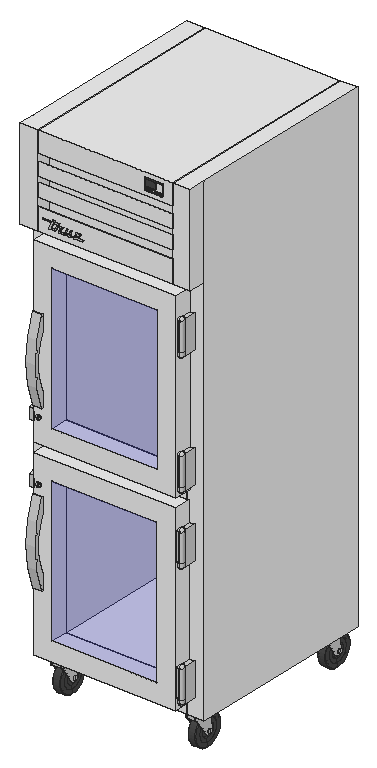
Revit family "QF_TRUE_STR1R-2HG-HC", category Specialty Equipment, Revit 2012 (continued)
Automatic sketch dimensions
  Extrusion 27 sketch curve to Extrusion 27 sketch curve = 0.32905"
  Extrusion 27 sketch curve to Extrusion 27 sketch curve = 0.60485"  (x2)
  Extrusion 28 sketch curve to plane 7 = 0.63926"  (x2)
  Extrusion 28 sketch curve to plane 5 "FRONT" = 3.79864"
  Extrusion 28 sketch curve to Extrusion 28 sketch curve = 1/4"  (x2)
  level to Extrusion 28 sketch curve = 2.18736"  (x2)
  Extrusion 28 sketch curve to Extrusion 28 sketch curve = 1.7492"
  Extrusion 28 sketch curve to Extrusion 28 sketch curve = 0.50669"  (x2)
  Extrusion 28 sketch curve to Extrusion 28 sketch curve = 2 1/2"
  level to Extrusion 28 sketch curve = 2.59003"
  Extrusion 28 sketch curve to Extrusion 28 sketch curve = 0.59966"  (x2)
  plane 1 "BACK" to Extrusion 28 sketch curve = 3.8577"
  plane 1 "BACK" to Extrusion 28 sketch curve = 1.8585"
  plane 1 "BACK" to Extrusion 28 sketch curve = 1.1077"
  Extrusion 28 sketch curve to Extrusion 28 sketch curve = 0.32905"
  Extrusion 28 sketch curve to Extrusion 28 sketch curve = 0.60485"  (x2)
  Revolve 29 sketch curve to plane 7 = 0.62954"
  Revolve 29 sketch curve to plane 4 "RIGHT" = 4.14082"
  Revolve 29 sketch curve to Revolve 29 sketch curve = 1.29707"
  Revolve 29 sketch curve to Revolve 29 sketch curve = 0"
  Revolve 29 sketch curve to Revolve 29 sketch curve = 0.10278"
  Revolve 29 sketch curve to plane 7 = 0.00141"
  plane 7 to Revolve 29 sketch curve = 0.26768"
  Revolve 30 sketch curve to level = 0"
  Revolve 30 sketch curve to plane 7 = 0"
  Revolve 30 sketch curve to plane 4 "RIGHT" = 4.17713"
  level to Revolve 30 sketch curve = 1"
  Revolve 30 sketch curve to plane 4 "RIGHT" = 3 19/32"
  Revolve 30 sketch curve to Revolve 30 sketch curve = 1/4"
  Revolve 30 sketch curve to Revolve 30 sketch curve = 1/2"
  Revolve 30 sketch curve to Revolve 30 sketch curve = 0"
  Revolve 30 sketch curve to Revolve 30 sketch curve = 5/8"
  plane 7 to Revolve 30 sketch curve = 1 25/32"
  Revolve 31 sketch curve to level = 0"
  Revolve 31 sketch curve to plane 7 = 0"
  Revolve 31 sketch curve to plane 4 "RIGHT" = 4.17713"
  level to Revolve 31 sketch curve = 1"
  Revolve 31 sketch curve to plane 4 "RIGHT" = 3 19/32"
  Revolve 31 sketch curve to Revolve 31 sketch curve = 1/4"
  Revolve 31 sketch curve to Revolve 31 sketch curve = 1/2"
  Revolve 31 sketch curve to Revolve 31 sketch curve = 0"
  Revolve 31 sketch curve to Revolve 31 sketch curve = 5/8"
  plane 7 to Revolve 31 sketch curve = 1 25/32"
  Revolve 32 sketch curve to plane 7 = 0.62954"
  Revolve 32 sketch curve to plane 4 "RIGHT" = 4.14082"
  Revolve 32 sketch curve to Revolve 32 sketch curve = 1.29707"
  Revolve 32 sketch curve to Revolve 32 sketch curve = 0"
  Revolve 32 sketch curve to Revolve 32 sketch curve = 0.10278"
  Revolve 32 sketch curve to plane 7 = 0.00141"
  plane 7 to Revolve 32 sketch curve = 0.26768"
  Extrusion 33 sketch curve to plane 7 = 0.63926"  (x2)
  Extrusion 33 sketch curve to plane 5 "FRONT" = 3.79864"
  Extrusion 33 sketch curve to Extrusion 33 sketch curve = 1/4"  (x2)
  Extrusion 33 sketch curve to Extrusion 33 sketch curve = 2 1/2"
  Extrusion 33 sketch curve to plane 7 = 0.93273"  (x2)
  Extrusion 33 sketch curve to Extrusion 33 sketch curve = 0.03603"
  plane 1 "BACK" to Extrusion 33 sketch curve = 3.8577"
  Extrusion 33 sketch curve to plane 7 = 1.24411"
  plane 1 "BACK" to Extrusion 33 sketch curve = 1.1077"
  Revolve 34 sketch curve to plane 4 "RIGHT" = 4.35148"
  Revolve 34 sketch curve to Revolve 34 sketch curve = 0.48273"
  Revolve 34 sketch curve to Revolve 34 sketch curve = 0.4"
  Revolve 34 sketch curve to Revolve 34 sketch curve = 0"  (x2)
  Revolve 34 sketch curve to Revolve 34 sketch curve = 0.1"  (x2)
  Revolve 34 sketch curve to Revolve 34 sketch curve = 0.16101"
  Revolve 34 sketch curve to Revolve 34 sketch curve = 0.75408"
  Revolve 34 sketch curve to Revolve 34 sketch curve = 0.92798"
  Revolve 34 sketch curve to Revolve 34 sketch curve = 0.06101"
  Revolve 34 sketch curve to Revolve 34 sketch curve = 1/2"
  Revolve 34 sketch curve to Revolve 34 sketch curve = 0.16509"
  Revolve 34 sketch curve to Revolve 34 sketch curve = 0.39592"
  level to Revolve 34 sketch curve = 2 1/2"
  Revolve 34 sketch curve to Revolve 34 sketch curve = 0.29941"  (x2)
  Revolve 34 sketch curve to Revolve 34 sketch curve = 3/4"  (x4)
  Revolve 34 sketch curve to Revolve 34 sketch curve = 0.59652"
  Revolve 34 sketch curve to Revolve 34 sketch curve = 0.60059"
  plane 3 "LEFT" to Revolve 35 sketch curve = 1.33602"
  Revolve 35 sketch curve to Revolve 35 sketch curve = 0.48273"
  Revolve 35 sketch curve to plane 8 = 5/8"  (x2)
  Revolve 35 sketch curve to Revolve 35 sketch curve = 0.1"  (x2)
  Revolve 35 sketch curve to Revolve 35 sketch curve = 0.16101"
  plane 8 to Revolve 35 sketch curve = 0.12908"
  plane 8 to Revolve 35 sketch curve = 0.46399"
  plane 8 to Revolve 35 sketch curve = 0.525"
  Revolve 35 sketch curve to Revolve 35 sketch curve = 1/2"
  Revolve 35 sketch curve to Revolve 35 sketch curve = 0.16509"
  Revolve 35 sketch curve to Revolve 35 sketch curve = 0.39592"
  level to Revolve 35 sketch curve = 2 1/2"
  Revolve 35 sketch curve to Revolve 35 sketch curve = 0"
  Revolve 35 sketch curve to Revolve 35 sketch curve = 0.29941"  (x2)
  Revolve 35 sketch curve to Revolve 35 sketch curve = 3/4"  (x4)
  Revolve 35 sketch curve to Revolve 35 sketch curve = 0.59652"
  Revolve 35 sketch curve to Revolve 35 sketch curve = 0.60059"
  Extrusion 36 sketch curve to plane 7 = 0.63926"  (x2)
  Extrusion 36 sketch curve to plane 5 "FRONT" = 3.79864"
  Extrusion 36 sketch curve to Extrusion 36 sketch curve = 1/4"  (x2)
  level to Extrusion 36 sketch curve = 2.18736"  (x2)
  Extrusion 36 sketch curve to Extrusion 36 sketch curve = 1.7492"
  Extrusion 36 sketch curve to Extrusion 36 sketch curve = 0.50669"  (x2)
  Extrusion 36 sketch curve to Extrusion 36 sketch curve = 2 1/2"
  level to Extrusion 36 sketch curve = 2.59003"
  Extrusion 36 sketch curve to Extrusion 36 sketch curve = 0.59966"  (x2)
  plane 1 "BACK" to Extrusion 36 sketch curve = 3.8577"
  plane 1 "BACK" to Extrusion 36 sketch curve = 1.8585"
  plane 1 "BACK" to Extrusion 36 sketch curve = 1.1077"
  Extrusion 36 sketch curve to Extrusion 36 sketch curve = 0.32905"
  Extrusion 36 sketch curve to Extrusion 36 sketch curve = 0.60485"  (x2)
  Extrusion 37 sketch curve to plane 7 = 0.63926"  (x2)
  Extrusion 37 sketch curve to plane 5 "FRONT" = 3.79864"
  Extrusion 37 sketch curve to Extrusion 37 sketch curve = 1/4"  (x2)
  level to Extrusion 37 sketch curve = 2.18736"  (x2)
  Extrusion 37 sketch curve to Extrusion 37 sketch curve = 1.7492"
  Extrusion 37 sketch curve to Extrusion 37 sketch curve = 0.50669"  (x2)
  Extrusion 37 sketch curve to Extrusion 37 sketch curve = 2 1/2"
  level to Extrusion 37 sketch curve = 2.59003"
  Extrusion 37 sketch curve to Extrusion 37 sketch curve = 0.59966"  (x2)
  plane 1 "BACK" to Extrusion 37 sketch curve = 3.8577"
  plane 1 "BACK" to Extrusion 37 sketch curve = 1.8585"
  plane 1 "BACK" to Extrusion 37 sketch curve = 1.1077"
  Extrusion 37 sketch curve to Extrusion 37 sketch curve = 0.32905"
  Extrusion 37 sketch curve to Extrusion 37 sketch curve = 0.60485"  (x2)
  Revolve 38 sketch curve to plane 8 = 0"  (x2)
  Revolve 38 sketch curve to plane 7 = 0.62954"
  Revolve 38 sketch curve to plane 8 = 1.29707"
  Revolve 38 sketch curve to Revolve 38 sketch curve = 0.10278"
  Revolve 38 sketch curve to plane 7 = 0.00141"
  plane 7 to Revolve 38 sketch curve = 0.26768"
  Revolve 39 sketch curve to level = 0"
  Revolve 39 sketch curve to plane 8 = 0"  (x2)
  Revolve 39 sketch curve to plane 8 = 1/2"
  Revolve 39 sketch curve to Revolve 39 sketch curve = 1/4"
  Revolve 39 sketch curve to plane 7 = 0"
  Revolve 39 sketch curve to plane 8 = 1.33338"
  level to Revolve 39 sketch curve = 1"
  Revolve 39 sketch curve to Revolve 39 sketch curve = 5/8"
  plane 7 to Revolve 39 sketch curve = 1 25/32"
  Revolve 40 sketch curve to level = 0"
  Revolve 40 sketch curve to plane 8 = 0"  (x2)
  Revolve 40 sketch curve to plane 8 = 1/2"
  Revolve 40 sketch curve to Revolve 40 sketch curve = 1/4"
  Revolve 40 sketch curve to plane 7 = 0"
  Revolve 40 sketch curve to plane 8 = 1.33338"
  level to Revolve 40 sketch curve = 1"
  Revolve 40 sketch curve to Revolve 40 sketch curve = 5/8"
  plane 7 to Revolve 40 sketch curve = 1 25/32"
  Revolve 41 sketch curve to plane 8 = 0"  (x2)
  Revolve 41 sketch curve to plane 7 = 0.62954"
  Revolve 41 sketch curve to plane 8 = 1.29707"
  Revolve 41 sketch curve to Revolve 41 sketch curve = 0.10278"
  Revolve 41 sketch curve to plane 7 = 0.00141"
  plane 7 to Revolve 41 sketch curve = 0.26768"
  Extrusion 42 sketch curve to plane 7 = 0.63926"  (x2)
  Extrusion 42 sketch curve to plane 5 "FRONT" = 3.79864"
  Extrusion 42 sketch curve to Extrusion 42 sketch curve = 1/4"  (x2)
  Extrusion 42 sketch curve to Extrusion 42 sketch curve = 2 1/2"
  Extrusion 42 sketch curve to plane 7 = 0.93273"  (x2)
  Extrusion 42 sketch curve to Extrusion 42 sketch curve = 0.03603"
  plane 1 "BACK" to Extrusion 42 sketch curve = 3.8577"
  Extrusion 42 sketch curve to plane 7 = 1.24411"
  plane 1 "BACK" to Extrusion 42 sketch curve = 1.1077"
  plane 3 "LEFT" to Revolve 43 sketch curve = 1.33602"
  Revolve 43 sketch curve to Revolve 43 sketch curve = 0.48273"
  Revolve 43 sketch curve to plane 8 = 5/8"  (x2)
  Revolve 43 sketch curve to Revolve 43 sketch curve = 0.1"  (x2)
  Revolve 43 sketch curve to Revolve 43 sketch curve = 0.16101"
  plane 8 to Revolve 43 sketch curve = 0.12908"
  plane 8 to Revolve 43 sketch curve = 0.46399"
  plane 8 to Revolve 43 sketch curve = 0.525"
  Revolve 43 sketch curve to Revolve 43 sketch curve = 1/2"
  Revolve 43 sketch curve to Revolve 43 sketch curve = 0.16509"
  Revolve 43 sketch curve to Revolve 43 sketch curve = 0.39592"
  level to Revolve 43 sketch curve = 2 1/2"
  Revolve 43 sketch curve to Revolve 43 sketch curve = 0"
  Revolve 43 sketch curve to Revolve 43 sketch curve = 0.29941"  (x2)
  Revolve 43 sketch curve to Revolve 43 sketch curve = 3/4"  (x4)
  Revolve 43 sketch curve to Revolve 43 sketch curve = 0.59652"
  Revolve 43 sketch curve to Revolve 43 sketch curve = 0.60059"
  plane 5 "FRONT" to Extrusion 44 sketch curve = 0"
  Extrusion 44 sketch curve to plane 8 = 21/32"
  Extrusion 44 sketch curve to plane 4 "RIGHT" = 2 11/32"
  plane 8 to Extrusion 45 sketch curve = 2 11/32"  (x2)
  Extrusion 45 sketch curve to plane 4 "RIGHT" = 5 3/8"
  Extrusion 45 sketch curve to plane 4 "RIGHT" = 5 9/32"
  plane 7 to Extrusion 45 sketch curve = 4 29/32"
  Extrusion 45 sketch curve to Extrusion 45 sketch curve = 23 7/32"
  Extrusion 45 sketch curve to Extrusion 45 sketch curve = 7 1/2"
  Extrusion 45 sketch curve to plane 6 "TOP" = 19 5/32"
  Extrusion 46 sketch curve to plane 8 = 0"
  Extrusion 46 sketch curve to plane 5 "FRONT" = 5.09023"
  Extrusion 47 sketch curve to plane 8 = 0"
  plane 1 "BACK" to Extrusion 47 sketch curve = 2.69102"
  Extrusion 48 sketch curve to plane 4 "RIGHT" = 2 27/32"
  plane 1 "BACK" to Extrusion 48 sketch curve = 2.69102"
  Extrusion 49 sketch curve to plane 4 "RIGHT" = 2 27/32"
  Extrusion 49 sketch curve to plane 5 "FRONT" = 5.09023"
  plane 5 "FRONT" to Extrusion 50 sketch curve = 0"
  Extrusion 50 sketch curve to plane 8 = 21/32"
  Extrusion 50 sketch curve to plane 4 "RIGHT" = 2 11/32"
  plane 8 to Extrusion 52 sketch curve = 0.1984"
  plane 8 to Extrusion 52 sketch curve = 7/32"
  Extrusion 52 sketch curve to Extrusion 52 sketch curve = 0.0555"
  plane 7 to Extrusion 52 sketch curve = 26.53865"
  Extrusion 52 sketch curve to Extrusion 52 sketch curve = 0.27385"
  Extrusion 52 sketch curve to Extrusion 52 sketch curve = 0.29355"
  Blend 53 sketch curve to plane 8 = 21/32"  (x2)
  Blend 53 sketch curve to Blend 53 sketch curve = 3/4"
  plane 7 to Blend 53 sketch curve = 27.75831"
  Blend 53 sketch curve to Blend 53 sketch curve = 1 3/4"
  Blend 53 sketch curve to Blend 53 sketch curve = 0.93223"
  plane 7 to Blend 53 sketch curve = 28.3559"
  Blend 53 sketch curve to Blend 53 sketch curve = 2.78233"
  Extrusion 3 sketch curve to plane 9 = 0"  (x4)
  plane 9 to Extrusion 3 sketch curve = 2.7042"  (x2)
  Extrusion 3 sketch curve to plane 6 "TOP" = 0"
  plane 9 to Extrusion 3 sketch curve = 2.2042"
  Extrusion 3 sketch curve to Extrusion 3 sketch curve = 0"  (x3)
  Extrusion 3 sketch curve to Extrusion 3 sketch curve = 1/2"
  Extrusion 3 sketch curve to Extrusion 3 sketch curve = 1"  (x2)
  plane 1 "BACK" to Extrusion 3 sketch curve = 2"
  plane 1 "BACK" to Extrusion 3 sketch curve = 0"
  Extrusion 3 sketch curve to plane 6 "TOP" = 3.34422"
  Extrusion 3 sketch curve to Extrusion 3 sketch curve = 1.12227"  (x2)
  Extrusion 3 sketch curve to Extrusion 3 sketch curve = 0.445"
  Extrusion 3 sketch curve to Extrusion 3 sketch curve = 2.13371"  (x2)
  Extrusion 3 sketch curve to Extrusion 3 sketch curve = 0.96076"  (x2)
  Extrusion 3 sketch curve to Extrusion 3 sketch curve = 2.0962"  (x2)
  Extrusion 3 sketch curve to Extrusion 3 sketch curve = 1.27557"  (x2)
  Extrusion 3 sketch curve to Extrusion 3 sketch curve = 2 1/8"
  Extrusion 3 sketch curve to Extrusion 3 sketch curve = 2 1/2"  (x2)
  Extrusion 3 sketch curve to Extrusion 3 sketch curve = 27 15/16"
  plane 7 to Extrusion 3 sketch curve = 2 29/32"
  Extrusion 3 sketch curve to plane 7 = 0"
  plane 1 "BACK" to curve 1 = 0"
  curve 1 to plane 3 "LEFT" = 0"
  plane 5 "FRONT" to curve 25 = 0"
  curve 1 to plane 4 "RIGHT" = 0"
  plane 3 "LEFT" to curve 12 = 1.20097"
  plane 3 "LEFT" to curve 8 = 1.20097"
  curve 25 to plane 8 = 21/32"
  curve 23 to curve 25 = 0"
  curve 12 to plane 8 = 11/32"
  curve 9 to plane 8 = 11/32"
  plane 8 to curve 27 = 27/32"
  plane 1 "BACK" to curve 11 = 0.4208"
  plane 8 to curve 11 = 0.98222"
  plane 8 to curve 7 = 0.98222"
  plane 8 to curve 22 = 2.42098"
  curve 15 to plane 4 "RIGHT" = 5.39157"
  curve 19 to plane 4 "RIGHT" = 5.29782"
  curve 15 to curve 16 = 1.29904"
  curve 19 to curve 20 = 1.29904"
  plane 1 "BACK" to curve 14 = 0.4208"
  curve 14 to plane 4 "RIGHT" = 2.76657"
  curve 18 to plane 4 "RIGHT" = 2.67282"
  curve 22 to plane 4 "RIGHT" = 2 11/32"
  curve 23 to curve 22 = 0"
  curve 24 to curve 24 = 1 15/32"
  curve 26 to curve 25 = 0.2"
  curve 5 to plane 5 "FRONT" = 2 1/4"
  curve 21 to plane 5 "FRONT" = 3.92849"
  curve 5 to curve 9 = 1.78257"
  curve 20 to curve 20 = 3/4"
  curve 8 to curve 7 = 3/4"
  curve 13 to curve 10 = 5.29663"
  curve 16 to curve 14 = 5.29663"
  plane 5 "FRONT" to Extrusion 7 sketch curve = 0.2"  (x2)
  plane 5 "FRONT" to Extrusion 7 sketch curve = 0"  (x2)
  Extrusion 7 sketch curve to plane 5 "FRONT" = 8.86559"
  Extrusion 7 sketch curve to Extrusion 7 sketch curve = 8.52092"
  plane 7 to Extrusion 7 sketch curve = 38.07708"
  Extrusion 7 sketch curve to Extrusion 7 sketch curve = 2.4"
  Extrusion 7 sketch curve to Extrusion 7 sketch curve = 4.4"
  Extrusion 7 sketch curve to Extrusion 7 sketch curve = 0"
  plane 10 to Extrusion 51 sketch curve = 1.26875"
  Extrusion 51 sketch curve to Extrusion 51 sketch curve = 0.2"  (x2)
  Extrusion 51 sketch curve to plane 5 "FRONT" = 8.86559"
  plane 7 to Extrusion 51 sketch curve = 11.69792"
  Extrusion 51 sketch curve to Extrusion 51 sketch curve = 2.4"
  Extrusion 51 sketch curve to Extrusion 51 sketch curve = 0"
  plane 5 "FRONT" to Extrusion 51 sketch curve = 0.2"
  Extrusion 51 sketch curve to Extrusion 51 sketch curve = 8.52092"
  Extrusion 51 sketch curve to Extrusion 51 sketch curve = 4.4"
  radius of Extrusion 8 sketch curve = 0.35"
  radius of Extrusion 12 sketch curve = 1/4"
  radius of Extrusion 46 sketch curve = 1 1/2"
  radius of Extrusion 47 sketch curve = 1 1/2"
  radius of Extrusion 48 sketch curve = 1 1/2"
  radius of Extrusion 49 sketch curve = 1 1/2"
  radius of Extrusion 52 sketch curve = 0.35"
Connectors (in)
  electrical at (24.25, -0.0625, 82), driven by "Volts", driven by "Watts"
    settings: on Extrusion 12, index 1, voltage 115 V, apparent load 437 VA, apparent load phase1 0 VA, apparent load phase2 0 VA, apparent load phase3 0 VA, power factor 1, load classification "Other", number of poles 1, system type 30, power factor state 1, is connector primary yes, connector utility no, sub classification motor no, connector description "ELECTRICAL CONNECTION"
